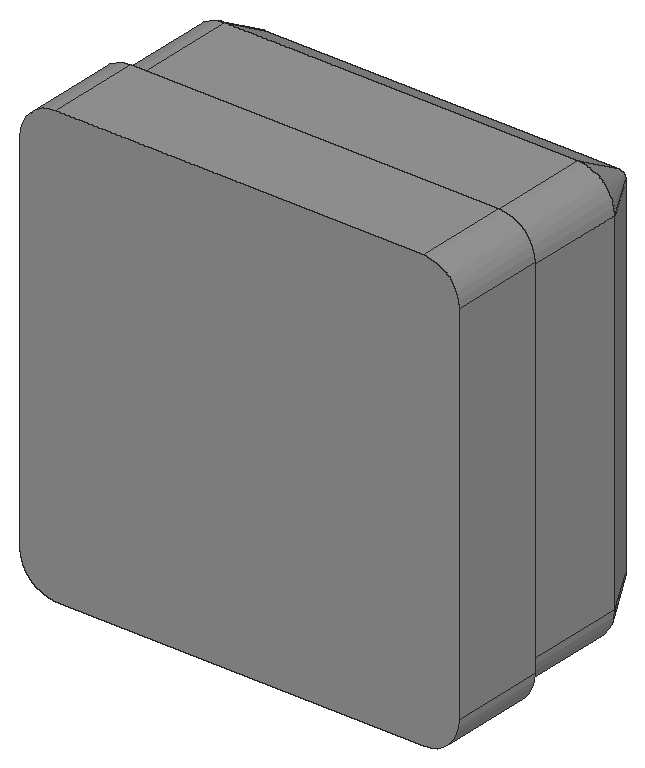
Revit family "Шаблон для связистских розеток ОКТАВА", category Устройства связи, Revit 2019
Family settings
  Сохранять ориентацию аннотаций = Да
  Размер круглого соединителя = Использовать диаметр
  Тип детали = Нормальный
  На основе рабочей плоскости = Нет
  Всегда вертикально = Да
  При загрузке вырезать с полостями = Нет
  Общий = Нет
  Точка расчета площади = Нет
Parameters (values of type "РТВ20-ОБ")
  Ширина = 61 mm  # constant formula
  Тип монтажа = "Поверхность монтажа (открытая установка)"  # constant formula
  Тип соединителя или разъема = "TV-SAT"  # constant formula
  Изготовитель = "IEK"  # constant formula
  Дата изменения = ""
  Глубина = 35 mm  # constant formula
  Высота = 61 mm  # constant formula
  ΔХ [instance] = 2000 mm
  ΔY [instance] = 2000 mm
  KSI_CPr_Строительные изделия = ""
  KSI_CMa_Строительные материалы = "01.7.14.03"  # constant formula
  IEK_Цена за единицу = 146.89
  IEK_Поиск в таблице имен = ""
  IEK_Описание = "Универсальный дизайн серии открытой установки \"ОКТАВА\" позволяет устанавливать изделия в квартирах, загородных домах, офисных и производственных помещениях."
  IEK_URL = "https://www.iek.ru/products/catalog/izdeliya_elektroustanovochnye_udliniteli_i_silovye_razemy/elektroustanovochnye_izdeliya/elektroustanovochnye_izdeliya_otkrytogo_montazha_ip20/elektroustanovochnye_izdeliya_oktava/elektroustanovochnye_izdeliya_oktava_tsvet_belyy/rozetka_1_mestnaya_dlya_otkrytoy_ustanovki_televizionnaya_rtv20_ob_oktava_belyy_iek"
  ADSK_Примечание = ""
  ADSK_Позиция [instance] = ""
  ADSK_Наименование = "Розетка 1-местная для открытой установки телевизионная РТВ20-ОБ ОКТАВА белый IEK"
  ADSK_Материал обозначение = ""
  ADSK_Материал наименование = "Пластик"  # constant formula
  ADSK_Материал = Цвет белый
  ADSK_Масса = 0.051
  ADSK_Марка = "ОКТАВА"  # constant formula
  ADSK_Код изделия = "EAO10-K01-DC"
  ADSK_Завод-изготовитель = "IEK"  # constant formula
  ADSK_Единица измерения = "шт"  # constant formula
  ADSK_Группирование = "III ЭЛЕКТРОУСТАНОВОЧНЫЕ И ЭЛЕКТРОМОНТАЖНЫЕ ИЗДЕЛИЯ"  # constant formula
  ADSK_Версия семейства = "1.0"  # constant formula
  ADSK_Версия Revit = "2019"  # constant formula
  ADSK_URL страницы изделия = "https://www.iek.ru/products/catalog/izdeliya_elektroustanovochnye_udliniteli_i_silovye_razemy/elektroustanovochnye_izdeliya/elektroustanovochnye_izdeliya_otkrytogo_montazha_ip20/elektroustanovochnye_izdeliya_oktava/"
Types (3, lengths in mm): name | IEK_Цена за единицу | IEK_URL | ADSK_Наименование | ADSK_Материал | ADSK_Масса | ADSK_Код изделия
  (no name) | 146.89 | "https://www.iek.ru/products/catalog/izdeliya_elektroustanovochnye_udliniteli_i_silovye_razemy/elektroustanovochnye_izdeliya/elektroustanovochnye_izdeliya_otkrytogo_montazha_ip20/elektroustanovochnye_izdeliya_oktava/elektroustanovochnye_izdeliya_oktava_tsvet_belyy/rozetka_1_mestnaya_dlya_otkrytoy_ustanovki_televizionnaya_rtv20_ob_oktava_belyy_iek" | "Розетка 1-местная для открытой установки телевизионная РТВ20-ОБ ОКТАВА белый IEK" | Цвет белый | 0.051 | "EAO10-K01-DC"
  РТВ20-ОБ | 146.89 | "https://www.iek.ru/products/catalog/izdeliya_elektroustanovochnye_udliniteli_i_silovye_razemy/elektroustanovochnye_izdeliya/elektroustanovochnye_izdeliya_otkrytogo_montazha_ip20/elektroustanovochnye_izdeliya_oktava/elektroustanovochnye_izdeliya_oktava_tsvet_belyy/rozetka_1_mestnaya_dlya_otkrytoy_ustanovki_televizionnaya_rtv20_ob_oktava_belyy_iek" | "Розетка 1-местная для открытой установки телевизионная РТВ20-ОБ ОКТАВА белый IEK" | Цвет белый | 0.051 | "EAO10-K01-DC"
  РТВ20-ОД | 165.88 | "https://www.iek.ru/products/catalog/izdeliya_elektroustanovochnye_udliniteli_i_silovye_razemy/elektroustanovochnye_izdeliya/elektroustanovochnye_izdeliya_otkrytogo_montazha_ip20/elektroustanovochnye_izdeliya_oktava/elektroustanovochnye_izdeliya_oktava_tsvet_dub/rozetka_1_mestnaya_dlya_otkrytoy_ustanovki_televizionnaya_rtv20_od_oktava_dub_iek" | "Розетка 1-местная для открытой установки телевизионная РТВ20-ОД ОКТАВА дуб IEK" | Цвет дуб | 0.050926 | "EAO10-K04-DC"
Reference planes
  plane 1 "По центру (Вперед/Назад)": y = 0
  plane 2: z = 0
  plane 3 "По центру (Влево/Вправо)": x = 0
  plane 4 "Высота ножек": z = 280
  plane 5 "Высота": z = 2081.496
  plane 6: x = -2000
  plane 7: y = 2000
Forms (mm)
  Extrusion 1, solid, detail levels coarse
    sketch origin (0, -9, 0) x (1, 0, 0) y (0, 1, 0)
      loop
        line (-30.5, 44) -> (-30.5, 9) -> (30.5, 9) -> (30.5, 44) -> (-30.5, 44)
    from 0 to 61
  Extrusion 2, solid, detail levels medium
    sketch origin (0, 34, 0) x (1, 0, 0) y (0, 1, 0)
      loop
        line (-30.5, 1) -> (-30.5, -34) -> (30.5, -34) -> (30.5, 1) -> (-30.5, 1)
    from 0 to 61
  Extrusion 3, solid, material "Цвет белый" <- "ADSK_Материал", detail levels fine
    sketch origin (0, 0, 30.5) x (1, 0, 0) y (0, 0, -1)
      loop
        line (-30.5, 25.5) -> (-30.5, -25.5)
        arc (-30.5, -25.5) -> (-29.036, -29.036) -> (-25.5, -30.5) r 5
        line (-25.5, -30.5) -> (25.5, -30.5)
        arc (25.5, -30.5) -> (29.036, -29.036) -> (30.5, -25.5) r 5
        line (30.5, -25.5) -> (30.5, 25.5)
        arc (30.5, 25.5) -> (29.036, 29.036) -> (25.5, 30.5) r 5
        line (25.5, 30.5) -> (-25.5, 30.5)
        arc (-25.5, 30.5) -> (-29.036, 29.036) -> (-30.5, 25.5) r 5
    from 0 to 13
  Extrusion 4, solid, material "Цвет белый" <- "ADSK_Материал", detail levels fine
    sketch origin (0, 0, 30.5) x (1, 0, 0) y (0, 0, -1)
      loop
        line (-29.5, 24.462) -> (-29.5, -24.462)
        arc (-29.5, -24.462) -> (-28.024, -28.024) -> (-24.462, -29.5) r 5.038
        line (-24.462, -29.5) -> (24.505, -29.5)
        arc (24.505, -29.5) -> (28.037, -28.037) -> (29.5, -24.505) r 4.995
        line (29.5, -24.505) -> (29.5, 24.505)
        arc (29.5, 24.505) -> (28.037, 28.037) -> (24.505, 29.5) r 4.995
        line (24.505, 29.5) -> (-24.462, 29.5)
        arc (-24.462, 29.5) -> (-28.024, 28.024) -> (-29.5, 24.462) r 5.038
    from 13 to 28
  Blend 5, solid, material "Цвет белый" <- "ADSK_Материал", detail levels fine
    base sketch origin (0, 0, 30.5) x (1, 0, 0) y (0, 0, -1)
      loop
        line (-29.5, 24.462) -> (-29.5, -24.462)
        arc (-29.5, -24.462) -> (-28.024, -28.024) -> (-24.462, -29.5) r 5.038
        line (-24.462, -29.5) -> (24.505, -29.5)
        arc (24.505, -29.5) -> (28.037, -28.037) -> (29.5, -24.505) r 4.995
        line (29.5, -24.505) -> (29.5, 24.505)
        arc (29.5, 24.505) -> (28.037, 28.037) -> (24.505, 29.5) r 4.995
        line (24.505, 29.5) -> (-24.462, 29.5)
        arc (-24.462, 29.5) -> (-28.024, 28.024) -> (-29.5, 24.462) r 5.038
    top sketch origin (0, 0, 30.5) x (1, 0, 0) y (0, 0, -1)
      loop
        line (-25.459, 24.5) -> (-25.459, -24.5)
        arc (-25.459, -24.5) -> (-25.178, -25.178) -> (-24.5, -25.459) r 0.959
        line (-24.5, -25.459) -> (24.5, -25.459)
        arc (24.5, -25.459) -> (25.178, -25.178) -> (25.459, -24.5) r 0.959
        line (25.459, -24.5) -> (25.459, 24.5)
        arc (25.459, 24.5) -> (25.178, 25.178) -> (24.5, 25.459) r 0.959
        line (24.5, 25.459) -> (-24.5, 25.459)
        arc (-24.5, 25.459) -> (-25.178, 25.178) -> (-25.459, 24.5) r 0.959
    from 28 to 35
  Extrusion 6, void
    sketch origin (0, 0, 30.5) x (1, 0, 0) y (0, 0, -1)
      loop
        arc (-23.459, -21.459) -> (-22.873, -22.873) -> (-21.459, -23.459) r 2
        line (-21.459, -23.459) -> (21.459, -23.459)
        arc (21.459, -23.459) -> (22.873, -22.873) -> (23.459, -21.459) r 2
        line (23.459, -21.459) -> (23.459, 21.459)
        arc (23.459, 21.459) -> (22.873, 22.873) -> (21.459, 23.459) r 2
        line (21.459, 23.459) -> (-21.459, 23.459)
        arc (-21.459, 23.459) -> (-22.873, 22.873) -> (-23.459, 21.459) r 2
        line (-23.459, 21.459) -> (-23.459, -21.459)
    from 34.5 to 35
  Extrusion 7, solid, material "Латунь", detail levels fine
    sketch origin (0, 0, 0) x (1, 0, 0) y (0, 0, 1)
      loop
        circle (0, 30.5) r 5
      loop
        circle (0, 30.5) r 2.5
      loop
        circle (0, 30.5) r 1.25
      loop
        circle (0, 30.5) r 4.604
    from -20.002 to -34.5
  Extrusion 8, void
    sketch origin (0, 0, 0) x (1, 0, 0) y (0, 0, 1)
      loop
        circle (0, 30.5) r 5
    from -20.002 to -35
  Extrusion 9, solid, material "Латунь", detail levels fine
    sketch origin (0, 0, 0) x (1, 0, 0) y (0, 0, 1)
      loop
        line (5.807, 36.654) -> (-5.825, 36.654) -> (-5.825, 24.547) -> (5.807, 24.547) -> (5.807, 36.654)
    from -20.002 to -28.414
Cuts and joins
  Extrusion 6, Extrusion 8 cuts Blend 5
  Extrusion 8 cuts Extrusion 3
Lines and regions (mm)
  reference lines
    curve 1: line (0, 44.647, 0) -> (0, -55.353, 0)
    curve 2: line (-23.829, 0, 0) -> (76.171, 0, 0)
Dimensions and locks
  locked: plane 4 "Высота ножек" to plane 2 at 280
  plane 5 "Высота" to plane 4 "Высота ножек" = 1801.496 mm
  "ΔХ": plane 6 to curve 1
  "ΔY": plane 7 to curve 2
  aligned and locked: level to plane 2
  aligned and locked: nested 1 to curve 1
  aligned and locked: curve 2 to nested 1
  aligned and locked: Extrusion 1 to Extrusion 2  (x3)
  aligned and locked: plane 1 "По центру (Вперед/Назад)" to Extrusion 1
  aligned and locked: Extrusion 7 to cut or joined group of Blend 5, Extrusion 6, Extrusion 8
Automatic sketch dimensions
  plane 1 "По центру (Вперед/Назад)" to Extrusion 1 sketch curve = 0 mm
  Extrusion 1 sketch curve to plane 3 "По центру (Влево/Вправо)" = 30.5 mm
  plane 3 "По центру (Влево/Вправо)" to Extrusion 1 sketch curve = 30.5 mm
  Extrusion 1 sketch curve to plane 1 "По центру (Вперед/Назад)" = 35 mm
  plane 1 "По центру (Вперед/Назад)" to Extrusion 2 sketch curve = 0 mm
  Extrusion 2 sketch curve to plane 3 "По центру (Влево/Вправо)" = 30.5 mm
  plane 3 "По центру (Влево/Вправо)" to Extrusion 2 sketch curve = 30.5 mm
  Extrusion 2 sketch curve to Extrusion 2 sketch curve = 35 mm
  level to Extrusion 3 sketch curve = 5 mm  (x2)
  Extrusion 3 sketch curve to plane 3 "По центру (Влево/Вправо)" = 30.5 mm
  Extrusion 3 sketch curve to Extrusion 3 sketch curve = 5 mm  (x2)
  plane 3 "По центру (Влево/Вправо)" to Extrusion 3 sketch curve = 25.5 mm  (x2)
  level to Extrusion 3 sketch curve = 56 mm
  Extrusion 4 sketch curve to plane 3 "По центру (Влево/Вправо)" = 29.5 mm
  Extrusion 4 sketch curve to Extrusion 4 sketch curve = 5.038 mm  (x2)
  level to Extrusion 4 sketch curve = 1 mm
  plane 3 "По центру (Влево/Вправо)" to Extrusion 4 sketch curve = 24.505 mm  (x2)
  Extrusion 4 sketch curve to Extrusion 4 sketch curve = 4.995 mm
  level to Extrusion 4 sketch curve = 54.962 mm
  Extrusion 4 sketch curve to Extrusion 4 sketch curve = 0 mm  (x2)
  level to Blend 5 sketch curve = 6.038 mm
  Blend 5 sketch curve to plane 3 "По центру (Влево/Вправо)" = 29.5 mm
  Blend 5 sketch curve to Blend 5 sketch curve = 5.038 mm  (x2)
  plane 3 "По центру (Влево/Вправо)" to Blend 5 sketch curve = 24.505 mm  (x2)
  level to Blend 5 sketch curve = 5.995 mm
  level to Blend 5 sketch curve = 54.962 mm
  level to Blend 5 sketch curve = 6 mm  (x2)
  Blend 5 sketch curve to plane 3 "По центру (Влево/Вправо)" = 25.459 mm
  Blend 5 sketch curve to Blend 5 sketch curve = 0.959 mm  (x2)
  plane 3 "По центру (Влево/Вправо)" to Blend 5 sketch curve = 24.5 mm  (x2)
  level to Blend 5 sketch curve = 55 mm
  Extrusion 6 sketch curve to plane 3 "По центру (Влево/Вправо)" = 23.459 mm
  Extrusion 6 sketch curve to Extrusion 6 sketch curve = 2 mm  (x3)
  level to Extrusion 6 sketch curve = 7.041 mm
  plane 3 "По центру (Влево/Вправо)" to Extrusion 6 sketch curve = 21.459 mm  (x2)
  level to Extrusion 6 sketch curve = 51.959 mm
  Extrusion 7 sketch curve to Extrusion 7 sketch curve = 0 mm  (x20)
  Extrusion 7 sketch curve to plane 3 "По центру (Влево/Вправо)" = 0 mm
  level to Extrusion 7 sketch curve = 30.5 mm
  Extrusion 7 sketch curve to plane 3 "По центру (Влево/Вправо)" = 5 mm
  Extrusion 8 sketch curve to Extrusion 8 sketch curve = 0 mm  (x2)
  Extrusion 8 sketch curve to plane 3 "По центру (Влево/Вправо)" = 0 mm
  level to Extrusion 8 sketch curve = 30.5 mm
  Extrusion 8 sketch curve to plane 3 "По центру (Влево/Вправо)" = 5 mm
  Extrusion 9 sketch curve to plane 3 "По центру (Влево/Вправо)" = 5.825 mm
  plane 3 "По центру (Влево/Вправо)" to Extrusion 9 sketch curve = 5.807 mm
  level to Extrusion 9 sketch curve = 24.547 mm
  Extrusion 9 sketch curve to Extrusion 9 sketch curve = 12.107 mm
  curve 2 to plane 3 "По центру (Влево/Вправо)" = 23.829 mm
  plane 3 "По центру (Влево/Вправо)" to curve 2 = 76.171 mm
  plane 1 "По центру (Вперед/Назад)" to curve 1 = 55.353 mm
  curve 1 to plane 1 "По центру (Вперед/Назад)" = 44.647 mm
  radius of Extrusion 7 sketch curve = 2.5 mm
  radius of Extrusion 7 sketch curve = 1.25 mm
  radius of Extrusion 7 sketch curve = 4.604 mm
Nested families
  nested 1: "УГО Розетки связистской" at (0, 0, 0), type "Розетка телевизионная", detail levels coarse+medium
Connectors
  electrical at (0, 17.5, 0)
    settings: on Extrusion 1, index 1, voltage 0 V, apparent load 0 VA, apparent load phase1 0 VA, apparent load phase2 0 VA, apparent load phase3 0 VA, power factor 1, load classification "Прочее", number of poles 1, system type 9, power factor state 1, is connector primary yes, connector utility no, sub classification motor no, connector description ""
Definition of nested family "УГО Розетки связистской"
  Parameters (values of type "Розетка двухместная телефонная")
    Розетка телефонная = no
    Розетка сетевая (Интернет) = no
    Розетка сетевая и телефонная = no
    Розетка телевизионная = no
    Розетка двухместная телефонная = yes
  Types (5, lengths in mm): name | Розетка телефонная | Розетка сетевая (Интернет) | Розетка сетевая и телефонная | Розетка телевизионная | Розетка двухместная телефонная
    Розетка телевизионная | no | no | no | yes | no
    Розетка сетевая (Интернет) | no | yes | no | no | no
    Розетка сетевая и телефонная | no | no | yes | no | no
    Розетка телефонная | yes | no | no | no | no
    Розетка двухместная телефонная | no | no | no | no | yes
  Reference planes
    plane 1: y = 0
    plane 2: x = 0
  Lines and regions (mm)
    Filled region 1, type "Цветовая область 1", visible <- "Розетка телефонная"
      outline origin (0, 0, 0) x (1, 0, 0) y (0, 1, 0)
        loop
          line (-0.512, 1.977) -> (-0.512, 3.023) -> (-1.53, 3.023) -> (-1.53, 1.977) -> (-0.512, 1.977)
        loop
          line (0.512, 1.977) -> (1.53, 1.977) -> (1.53, 3.023) -> (0.512, 3.023) -> (0.512, 1.977)
    Filled region 2, type "Цветовая область 1", visible <- "Розетка телефонная", not visible
      outline origin (0, 0, 0) x (1, 0, 0) y (0, 1, 0)
        loop
          line (8.078, 7.617) -> (8.078, 8.664) -> (7.06, 8.664) -> (7.06, 7.617) -> (8.078, 7.617)
        loop
          line (9.101, 7.617) -> (10.119, 7.617) -> (10.119, 8.664) -> (9.101, 8.664) -> (9.101, 7.617)
    Filled region 3, type "Цветовая область 1", visible <- "Розетка сетевая и телефонная"
      outline origin (0, 0, 0) x (1, 0, 0) y (0, 1, 0)
        loop
          line (0.994, 4) -> (0.994, 3) -> (1.994, 3) -> (1.994, 4) -> (0.994, 4)
        loop
          line (3.019, 3) -> (4.019, 3) -> (4.019, 4) -> (3.019, 4) -> (3.019, 3)
    Filled region 4, type "Цветовая область 1", visible <- "Розетка сетевая и телефонная", not visible
      outline origin (0, 0, 0) x (1, 0, 0) y (0, 1, 0)
        loop
          line (28.769, 14.987) -> (28.769, 13.987) -> (29.769, 13.987) -> (29.769, 14.987) -> (28.769, 14.987)
        loop
          line (30.794, 13.987) -> (31.794, 13.987) -> (31.794, 14.987) -> (30.794, 14.987) -> (30.794, 13.987)
    Filled region 5, type "Цветовая область 1", visible <- "Розетка двухместная телефонная"
      outline origin (0, 0, 0) x (1, 0, 0) y (0, 1, 0)
        loop
          line (-0.512, 1.977) -> (-0.512, 3.023) -> (-1.53, 3.023) -> (-1.53, 1.977) -> (-0.512, 1.977)
        loop
          line (0.512, 1.977) -> (1.53, 1.977) -> (1.53, 3.023) -> (0.512, 3.023) -> (0.512, 1.977)
    Filled region 6, type "Цветовая область 1", visible <- "Розетка двухместная телефонная", not visible
      outline origin (0, 0, 0) x (1, 0, 0) y (0, 1, 0)
        loop
          line (39.096, 13.207) -> (39.096, 14.254) -> (38.078, 14.254) -> (38.078, 13.207) -> (39.096, 13.207)
        loop
          line (40.119, 13.207) -> (41.137, 13.207) -> (41.137, 14.254) -> (40.119, 14.254) -> (40.119, 13.207)
    detail lines
      curve 1: line (0.006, 0, 0) -> (0.006, 2.454, 0)
      curve 2: line (0.006, 0, 0) -> (2.217, 0, 0)
    detail lines, visible <- "Розетка сетевая (Интернет)", not visible
      curve 3: line (2.5, 1.221, 0) -> (-2.5, 1.221, 0)
      curve 4: line (2.5, 6.221, 0) -> (-2.5, 6.221, 0)
      curve 5: line (0, 6.221, 0) -> (-2.5, 1.221, 0)
      curve 6: line (0, 6.221, 0) -> (2.5, 1.221, 0)
    detail lines, visible <- "Розетка телевизионная", not visible
      curve 7: line (19.458, 13.285, 0) -> (24.458, 13.285, 0)
      curve 8: line (19.458, 8.285, 0) -> (24.458, 8.285, 0)
      curve 9: line (21.958, 13.285, 0) -> (19.458, 8.285, 0)
      curve 10: line (21.958, 13.285, 0) -> (24.458, 8.285, 0)
    detail lines, visible <- "Розетка сетевая (Интернет)"
      curve 11: line (2.506, 0, 0) -> (-2.494, 0, 0)
      curve 12: line (2.506, 5, 0) -> (-2.494, 5, 0)
      curve 13: line (0.006, 5, 0) -> (-2.494, 0, 0)
      curve 14: line (0.006, 5, 0) -> (2.506, 0, 0)
    detail lines, visible <- "Розетка телевизионная"
      curve 15: line (-2.494, 5, 0) -> (2.506, 5, 0)
      curve 16: line (-2.494, 0, 0) -> (2.506, 0, 0)
      curve 17: line (0.006, 5, 0) -> (-2.494, 0, 0)
      curve 18: line (0.006, 5, 0) -> (2.506, 0, 0)
    detail lines, visible <- "Розетка телефонная"
      curve 19: circle (0.006, 2.5, 0) r 2.5 normal (0, 0, 1)
      curve 21: line (-1.53, 3.023, 0) -> (-1.53, 1.977, 0)
      curve 22: line (-1.53, 1.977, 0) -> (-0.512, 1.977, 0)
      curve 23: line (-0.512, 1.977, 0) -> (-0.512, 3.023, 0)
      curve 24: line (-0.512, 3.023, 0) -> (-1.53, 3.023, 0)
      curve 25: line (1.53, 3.023, 0) -> (1.53, 1.977, 0)
      curve 26: line (1.53, 1.977, 0) -> (0.512, 1.977, 0)
      curve 27: line (0.512, 1.977, 0) -> (0.512, 3.023, 0)
      curve 28: line (0.512, 3.023, 0) -> (1.53, 3.023, 0)
    detail lines, visible <- "Розетка телефонная", not visible
      curve 20: circle (8.596, 8.14, 0) r 2.5 normal (0, 0, 1)
      curve 29: line (7.06, 8.664, 0) -> (7.06, 7.617, 0)
      curve 30: line (7.06, 7.617, 0) -> (8.078, 7.617, 0)
      curve 31: line (8.078, 7.617, 0) -> (8.078, 8.664, 0)
      curve 32: line (8.078, 8.664, 0) -> (7.06, 8.664, 0)
      curve 33: line (10.119, 8.664, 0) -> (10.119, 7.617, 0)
      curve 34: line (10.119, 7.617, 0) -> (9.101, 7.617, 0)
      curve 35: line (9.101, 7.617, 0) -> (9.101, 8.664, 0)
      curve 36: line (9.101, 8.664, 0) -> (10.119, 8.664, 0)
    detail lines, visible <- "Розетка сетевая и телефонная"
      curve 37: line (-5.994, 7, 0) -> (6.006, 7, 0)
      curve 38: line (-5.994, 0, 0) -> (-5.994, 7, 0)
      curve 39: line (6.006, 0, 0) -> (-5.994, 0, 0)
      curve 40: line (6.006, 7, 0) -> (6.006, 0, 0)
      curve 41: line (-4.994, 1, 0) -> (0.006, 1, 0)
      curve 42: line (-2.474, 6, 0) -> (-4.994, 1, 0)
      curve 43: line (-2.474, 6, 0) -> (0.006, 1, 0)
      curve 44: circle (2.506, 3.5, 0) r 2.5 normal (0, 0, 1)
      curve 45: line (-4.994, 6, 0) -> (0.006, 6, 0)
      curve 46: line (0.994, 4, 0) -> (0.994, 3, 0)
      curve 47: line (0.994, 3, 0) -> (1.994, 3, 0)
      curve 48: line (1.994, 3, 0) -> (1.994, 4, 0)
      curve 49: line (1.994, 4, 0) -> (0.994, 4, 0)
      curve 50: line (4.019, 4, 0) -> (4.019, 3, 0)
      curve 51: line (4.019, 3, 0) -> (3.019, 3, 0)
      curve 52: line (3.019, 3, 0) -> (3.019, 4, 0)
      curve 53: line (3.019, 4, 0) -> (4.019, 4, 0)
    detail lines, visible <- "Розетка сетевая и телефонная", not visible
      curve 54: line (21.782, 17.987, 0) -> (33.782, 17.987, 0)
      curve 55: line (21.782, 10.987, 0) -> (21.782, 17.987, 0)
      curve 56: line (33.782, 10.987, 0) -> (21.782, 10.987, 0)
      curve 57: line (33.782, 17.987, 0) -> (33.782, 10.987, 0)
      curve 58: line (22.782, 11.987, 0) -> (27.782, 11.987, 0)
      curve 59: line (25.301, 16.987, 0) -> (22.782, 11.987, 0)
      curve 60: line (25.301, 16.987, 0) -> (27.782, 11.987, 0)
      curve 61: circle (30.282, 14.487, 0) r 2.5 normal (0, 0, 1)
      curve 62: line (22.782, 16.987, 0) -> (27.782, 16.987, 0)
      curve 63: line (28.769, 14.987, 0) -> (28.769, 13.987, 0)
      curve 64: line (28.769, 13.987, 0) -> (29.769, 13.987, 0)
      curve 65: line (29.769, 13.987, 0) -> (29.769, 14.987, 0)
      curve 66: line (29.769, 14.987, 0) -> (28.769, 14.987, 0)
      curve 67: line (31.794, 14.987, 0) -> (31.794, 13.987, 0)
      curve 68: line (31.794, 13.987, 0) -> (30.794, 13.987, 0)
      curve 69: line (30.794, 13.987, 0) -> (30.794, 14.987, 0)
      curve 70: line (30.794, 14.987, 0) -> (31.794, 14.987, 0)
    detail lines, visible <- "Розетка двухместная телефонная"
      curve 71: circle (0.006, 2.5, 0) r 2.5 normal (0, 0, 1)
      curve 72: line (-1.53, 3.023, 0) -> (-1.53, 1.977, 0)
      curve 73: line (-1.53, 1.977, 0) -> (-0.512, 1.977, 0)
      curve 74: line (-0.512, 1.977, 0) -> (-0.512, 3.023, 0)
      curve 75: line (-0.512, 3.023, 0) -> (-1.53, 3.023, 0)
      curve 76: line (1.53, 3.023, 0) -> (1.53, 1.977, 0)
      curve 77: line (1.53, 1.977, 0) -> (0.512, 1.977, 0)
      curve 78: line (0.512, 1.977, 0) -> (0.512, 3.023, 0)
      curve 79: line (0.512, 3.023, 0) -> (1.53, 3.023, 0)
    detail lines, visible <- "Розетка двухместная телефонная", not visible
      curve 80: circle (39.614, 13.731, 0) r 2.5 normal (0, 0, 1)
      curve 81: line (38.078, 14.254, 0) -> (38.078, 13.207, 0)
      curve 82: line (38.078, 13.207, 0) -> (39.096, 13.207, 0)
      curve 83: line (39.096, 13.207, 0) -> (39.096, 14.254, 0)
      curve 84: line (39.096, 14.254, 0) -> (38.078, 14.254, 0)
      curve 85: line (41.137, 14.254, 0) -> (41.137, 13.207, 0)
      curve 86: line (41.137, 13.207, 0) -> (40.119, 13.207, 0)
      curve 87: line (40.119, 13.207, 0) -> (40.119, 14.254, 0)
      curve 88: line (40.119, 14.254, 0) -> (41.137, 14.254, 0)
  Text (mm)
    text "TV" at (20.688, 11.147, 0), visible <- "Розетка телевизионная", not visible
    text "TV" at (-1.264, 2.862, 0), visible <- "Розетка телевизионная"
    text "2" at (1.883, 7.136, 0), visible <- "Розетка двухместная телефонная"
    text "2" at (41.49, 18.367, 0), visible <- "Розетка двухместная телефонная", not visible
